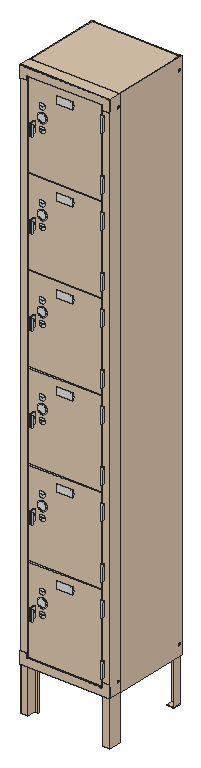
Revit family "Metal_Vented_Lockers-Salsbury_Industries-75000_76000_Series-1_Wide_Units", category Specialty Equipment, Revit 2024 (continued)
Definition of nested family "Metal Locker Zee Base-Right Side"
  Types (4): name | Visible | Depth | Type Comments | Model | Description
    77575 Right - 15" D | yes | 13.362" | "Zee Base Kit for Standard Metal Lockers - No Legs" | "77575" | "4\" H x 6' L - for 12\" Deep Lockers (Includes 6 Foot Front Base, 2 End Bases, Corner Splicer and 4 Rear Legs)"
    77578 Right - 18" D | yes | 16.362" | "Zee Base Kit for Standard Metal Lockers - No Legs" | "77578" | "4\" H x 6' L - for 12\" Deep Lockers (Includes 6 Foot Front Base, 2 End Bases, Corner Splicer and 4 Rear Legs)"
    None | no | 10.362" | "End Base for Standard Metal Lockers" | "" | ""
  Reference planes (in)
    plane 1 "Center (Front/Back)": y = 0
    plane 2: z = 0
    plane 3 "Center (Left/Right)": x = 3.99
    plane 4 "Floor": z = 0
    plane 5 "Top of Enclosure": z = 4
    plane 6 "Left Edge of Insert": x = 4.77
    plane 7 "Right Side of Unit": x = 5.99
    plane 8 "Left Edge of Enclosure": y = -8.181
    plane 9 "Right Edge of Enclosure": y = 8.181
    plane 10 "Bottom Edge of Enclosure": z = 0.06
    plane 11 "Left Edge of Base": x = 1.99
  Forms (in)
    Extrusion 1, solid, material <- "Primary Structure Material", visible <- "Visible"
      sketch origin (5.99, 0, 0) x (0, 0, -1) y (0, -1, 0)
        loop
          line (-4, 6.93967) -> (-4, -6.931) -> (-3.94, -6.931) -> (-3.94, 6.93967) -> (-4, 6.93967)
      from 0.06 to 1.22
    Extrusion 2, solid, material <- "Primary Structure Material", visible <- "Visible"
      sketch origin (0, 0, 0) x (0, -1, 0) y (1, 0, 0)
        loop
          line (-8.181, 1.99) -> (-8.121, 1.99) -> (-8.121, 5.93) -> (8.121, 5.93) -> (8.121, 1.99) -> (8.181, 1.99) -> (8.181, 5.99) -> (-8.181, 5.99) -> (-8.181, 1.99)
      from 0.06 to 4
  Dimensions and locks (in)
    "Height": plane 5 "Top of Enclosure" to plane 4 "Floor"
    equal spacing: plane 8 "Left Edge of Enclosure", plane 1 "Center (Front/Back)", plane 9 "Right Edge of Enclosure"
    "Depth": plane 8 "Left Edge of Enclosure" to plane 9 "Right Edge of Enclosure"
    "Width": plane 11 "Left Edge of Base" to plane 7 "Right Side of Unit"
    equal spacing: plane 11 "Left Edge of Base", plane 3 "Center (Left/Right)", plane 7 "Right Side of Unit"
    locked: plane 4 "Floor" to plane 10 "Bottom Edge of Enclosure" at 0.06
    aligned and locked: level to plane 2
    aligned and locked: plane 6 "Left Edge of Insert" to Extrusion 1
    aligned and locked: Extrusion 2 to plane 9 "Right Edge of Enclosure"
    aligned and locked: Extrusion 2 to plane 10 "Bottom Edge of Enclosure"
    aligned and locked: plane 11 "Left Edge of Base" to Extrusion 2
  Automatic sketch dimensions
    plane 5 "Top of Enclosure" to Extrusion 1 sketch curve = 0.000"
    Extrusion 1 sketch curve to Extrusion 1 sketch curve = 0.060"
    plane 9 "Right Edge of Enclosure" to Extrusion 1 sketch curve = 1.250"
    Extrusion 1 sketch curve to plane 8 "Left Edge of Enclosure" = 1.24133"
    Extrusion 2 sketch curve to plane 7 "Right Side of Unit" = 0.000"
    plane 9 "Right Edge of Enclosure" to Extrusion 2 sketch curve = 0.000"
    plane 6 "Left Edge of Insert" to Extrusion 2 sketch curve = 2.780"  (x2)
    Extrusion 2 sketch curve to Extrusion 2 sketch curve = 0.060"
    plane 7 "Right Side of Unit" to Extrusion 2 sketch curve = 0.060"
    Extrusion 2 sketch curve to plane 8 "Left Edge of Enclosure" = 0.060"
    Extrusion 2 sketch curve to plane 8 "Left Edge of Enclosure" = 0.000"
Definition of nested family "Metal Locker Zee Base-Left Side"
  Parameters (values of type "77572 Left - 12" D")
    Width including Rivet [instance] = 1.290"
    Visible = yes
    Primary Structure Material = none
    Depth = 10.362"
    Version = "1.0 (11/30/15)"
    Type Comments = "Zee Base Kit for Standard Metal Lockers - No Legs"
    Model = "77572"
    MasterFormat Title = ""
    MasterFormat Number = ""
    Manufacturer = "Salsbury Industries"
    Description = "4\" H x 6' L - for 12\" Deep Lockers (Includes 6 Foot Front Base, 2 End Bases, Corner Splicer and 4 Rear Legs)"
    Width = 4.000"
    Height = 4.000"
    Default Elevation = 0.000"
    Assembly Code = ""
  Types (4): name | Visible | Depth | Type Comments | Model | Description
    77572 Left - 12" D | yes | 10.362" | "Zee Base Kit for Standard Metal Lockers - No Legs" | "77572" | "4\" H x 6' L - for 12\" Deep Lockers (Includes 6 Foot Front Base, 2 End Bases, Corner Splicer and 4 Rear Legs)"
    77575 Left - 15" D | yes | 13.362" | "Zee Base Kit for Standard Metal Lockers - No Legs" | "77575" | "4\" H x 6' L - for 12\" Deep Lockers (Includes 6 Foot Front Base, 2 End Bases, Corner Splicer and 4 Rear Legs)"
    77578 Left- 18" D | yes | 16.362" | "Zee Base Kit for Standard Metal Lockers - No Legs" | "77578" | "4\" H x 6' L - for 12\" Deep Lockers (Includes 6 Foot Front Base, 2 End Bases, Corner Splicer and 4 Rear Legs)"
    None | no | 10.362" | "End Base for Standard Metal Lockers" | "" | ""
  Reference planes (in)
    plane 1 "Center (Front/Back)": y = 0
    plane 2: z = 0
    plane 3 "Center (Left/Right)": x = 3.99
    plane 4 "Floor": z = 0
    plane 5 "Top of Enclosure": z = 4
    plane 6 "Right Side of Unit": x = 5.99
    plane 7 "Left Edge of Enclosure": y = -5.181
    plane 8 "Right Edge of Enclosure": y = 5.181
    plane 9 "Bottom Edge of Enclosure": z = 0.06
    plane 10 "Left Edge of Base": x = 1.99
    plane 11 "Right Edge of Inser": x = 3.21
  Forms (in)
    Extrusion 1, solid, material <- "Primary Structure Material", visible <- "Visible"
      sketch origin (7.98, 0, 0) x (0, -1, 0) y (1, 0, 0)
        loop
          line (-5.181, -1.99) -> (-5.181, -5.99) -> (5.181, -5.99) -> (5.181, -1.99) -> (5.121, -1.99) -> (5.121, -5.93) -> (-5.121, -5.93) -> (-5.121, -1.99) -> (-5.181, -1.99)
      from 0.06 to 4
    Extrusion 2, solid, material <- "Primary Structure Material", visible <- "Visible"
      sketch origin (1.99, 0, 0) x (0, 0, -1) y (0, 1, 0)
        loop
          line (-4, -3.93967) -> (-3.94, -3.93967) -> (-3.94, 3.931) -> (-4, 3.931) -> (-4, -3.93967)
      from 0.06 to 1.22
  Dimensions and locks (in)
    "Height": plane 5 "Top of Enclosure" to plane 4 "Floor"
    equal spacing: plane 7 "Left Edge of Enclosure", plane 1 "Center (Front/Back)", plane 8 "Right Edge of Enclosure"
    "Depth": plane 7 "Left Edge of Enclosure" to plane 8 "Right Edge of Enclosure"
    "Width": plane 10 "Left Edge of Base" to plane 6 "Right Side of Unit"
    equal spacing: plane 10 "Left Edge of Base", plane 3 "Center (Left/Right)", plane 6 "Right Side of Unit"
    locked: plane 4 "Floor" to plane 9 "Bottom Edge of Enclosure" at 0.06
    aligned and locked: level to plane 2
    aligned and locked: plane 10 "Left Edge of Base" to Extrusion 1
  Automatic sketch dimensions
    plane 8 "Right Edge of Enclosure" to Extrusion 1 sketch curve = 0.000"
    Extrusion 1 sketch curve to plane 6 "Right Side of Unit" = 0.000"  (x2)
    plane 7 "Left Edge of Enclosure" to Extrusion 1 sketch curve = 0.000"
    Extrusion 1 sketch curve to plane 10 "Left Edge of Base" = 0.000"
    Extrusion 1 sketch curve to Extrusion 1 sketch curve = 0.060"
    plane 7 "Left Edge of Enclosure" to Extrusion 1 sketch curve = 0.060"
    plane 10 "Left Edge of Base" to Extrusion 1 sketch curve = 0.060"
    plane 5 "Top of Enclosure" to Extrusion 2 sketch curve = 0.000"
    Extrusion 2 sketch curve to Extrusion 2 sketch curve = 0.060"
    Extrusion 2 sketch curve to plane 7 "Left Edge of Enclosure" = 1.24133"
    plane 8 "Right Edge of Enclosure" to Extrusion 2 sketch curve = 1.250"
Definition of nested family "Metal Locker Zee Base Corner"
  Parameters (values of type "77572, 77575, 77578")
    Width = 2.000"
    Visible = yes
    Version = "1.0 (11/30/15)"
    Type Comments = "Zee Base Kit for Standard Metal Lockers - No Legs"
    Primary Structure Material = none
    Model = "n/a"
    Manufacturer = "Salsbury Industries"
    Height = 3.940"
    Description = "4\" H x 6' L - for 12\" Deep Lockers (Includes 6 Foot Front Base, 2 End Bases, Corner Splicer and 4 Rear Legs)"
    Depth = 2.000"
    Default Elevation = 0.000"
  Types (2): name | Visible
    77572, 77575, 77578 | yes
    None | no
  Reference planes (in)
    plane 1 "Center (Front/Back)": y = 0
    plane 2 "Bottom of Component": z = 0
    plane 3 "Center (Left/Right)": x = 0
    plane 4: z = 3.94
    plane 5: x = -1
    plane 6: x = 1
    plane 7 "Front": y = -1
    plane 8 "Back": y = 1
  Forms (in)
    Extrusion 1, solid, material <- "Primary Structure Material", visible <- "Visible"
      sketch origin (0, 0, 0) x (1, 0, 0) y (0, 1, 0)
        loop
          line (-1, 1) -> (-1, 0.94) -> (0.94, 0.94) -> (0.94, -1) -> (1, -1) -> (1, 1) -> (-1, 1)
      from 0 to 3.94
  Dimensions and locks (in)
    "Height": plane 4 to plane 2 "Bottom of Component"
    equal spacing: plane 5, plane 3 "Center (Left/Right)", plane 6
    "Width": plane 5 to plane 6
    equal spacing: plane 7 "Front", plane 1 "Center (Front/Back)", plane 8 "Back"
    "Depth": plane 7 "Front" to plane 8 "Back"
    aligned and locked: plane 2 "Bottom of Component" to level
  Automatic sketch dimensions
    Extrusion 1 sketch curve to plane 5 = 0.000"
    plane 7 "Front" to Extrusion 1 sketch curve = 0.000"
    Extrusion 1 sketch curve to plane 6 = 0.000"
    plane 8 "Back" to Extrusion 1 sketch curve = 0.000"
    plane 6 to Extrusion 1 sketch curve = 0.060"
    Extrusion 1 sketch curve to Extrusion 1 sketch curve = 0.060"
Definition of nested family "Metal Locker End Panel"
  Parameters (values of type "77362 - for 6' H x 12" D Lockers")
    Width = 0.925"
    Visible = yes
    Version = "1.0 (11/30/15)"
    Type Comments = "Finished End Panel for Standard Metal Lockers"
    Primary Structure Material = none
    Model = "77362"
    MasterFormat Title = ""
    MasterFormat Number = ""
    Manufacturer = "Salsbury Industries"
    Height = 72.000"
    Description = "End Panel for 6' H x 12\" Deep Lockers"
    Depth = 12.010"
    Default Elevation = 0.000"
    Assembly Code = ""
  Types (7): name | Visible | Model | Height | Description | Depth
    77362 - for 6' H x 12" D Lockers | yes | "77362" | 72.000" | "End Panel for 6' H x 12\" Deep Lockers" | 12.010"
    77365 - for 6' H x 15" D Lockers | yes | "77365" | 72.000" | "End Panel for 6' H x 15\" Deep Lockers" | 15.010"
    77368 - for 6' H X 18" D Lockers | yes | "77368" | 72.000" | "End Panel for 6' H x 18\" Deep Lockers" | 18.010"
    77352 - for 5' H x 12" D Lockers | yes | "77352" | 60.000" | "End Panel for 5' H x 12\" Deep Lockers" | 12.010"
    77355 - for 5' H x 15" D Lockers | yes | "77355" | 60.000" | "End Panel for 5' H x 15\" Deep Lockers" | 15.010"
    77358 - for 5' H x 18" D Lockers | yes | "77358" | 60.000" | "End Panel for 5' H x 18\" Deep Lockers" | 18.010"
    None | no | "n/a" | 72.000" | "" | 12.010"
  Reference planes (in)
    plane 1 "Center (Front/Back)": y = -2.167
    plane 2: z = 0
    plane 3 "Center (Left/Right)": x = -4.595
    plane 4 "Bottom of Panel": z = 0
    plane 5 "Top of Panel": z = 72
    plane 6 "Front of Panel": y = -8.172
    plane 7 "Right Side of Enclosure": x = -4.1325
    plane 8 "Left Side of Enclosure": x = -5.0575
    plane 9 "Back of Panel": y = 3.838
    plane 10: z = 36
    plane 11: z = 70.283
    plane 12: z = 1.717
    plane 13 "Outside Edge of Front Flap": y = -8.23214
    plane 14 "Outside Edge of Back Flap": y = 3.898
  Forms (in)
    Extrusion 1, solid, material <- "Primary Structure Material", visible <- "Visible"
      sketch origin (-4.1325, 0.48244, 0) x (0, 0, -1) y (0, -1, 0)
        loop
          line (-72, 8.71458) -> (-72, -3.41556) -> (0, -3.41556) -> (0, 8.71458) -> (-72, 8.71458)
      from 0 to -0.06
    Extrusion 2, solid, material <- "Primary Structure Material", visible <- "Visible"
      sketch origin (0, 3.838, 0) x (0, 0, -1) y (1, 0, 0)
        loop
          line (-72, -5.0575) -> (0, -5.0575) -> (0, -4.1325) -> (-72, -4.1325) -> (-72, -5.0575)
      from 0 to -0.06
    Extrusion 3, solid, material <- "Primary Structure Material", visible <- "Visible"
      sketch origin (0, -8.172, 0) x (1, 0, 0) y (0, 0, 1)
        loop
          line (-5.0575, 70.283) -> (-5.0575, 1.717) -> (-4.1325, 1.717) -> (-4.1325, 70.283) -> (-5.0575, 70.283)
      from 0.06014 to 0
  Dimensions and locks (in)
    equal spacing: plane 6 "Front of Panel", plane 1 "Center (Front/Back)", plane 9 "Back of Panel"
    "Depth": plane 6 "Front of Panel" to plane 9 "Back of Panel"
    equal spacing: plane 8 "Left Side of Enclosure", plane 3 "Center (Left/Right)", plane 7 "Right Side of Enclosure"
    "Width": plane 8 "Left Side of Enclosure" to plane 7 "Right Side of Enclosure"
    equal spacing: plane 5 "Top of Panel", plane 10, plane 2
    "Height": plane 5 "Top of Panel" to plane 2
    locked: plane 5 "Top of Panel" to plane 11 at 1.717
    locked: plane 13 "Outside Edge of Front Flap" to plane 6 "Front of Panel" at 0.06014
    locked: plane 9 "Back of Panel" to plane 14 "Outside Edge of Back Flap" at 0.06
    aligned and locked: level to plane 2
    aligned and locked: plane 5 "Top of Panel" to Extrusion 1 sketch curve
    aligned and locked: plane 5 "Top of Panel" to Extrusion 2 sketch curve
    aligned and locked: Extrusion 2 to plane 9 "Back of Panel"
    aligned and locked: plane 11 to Extrusion 3 sketch curve
    aligned and locked: plane 6 "Front of Panel" to Extrusion 3
    aligned and locked: plane 14 "Outside Edge of Back Flap" to Extrusion 2
    aligned and locked: Extrusion 1 to plane 14 "Outside Edge of Back Flap"
    aligned and locked: plane 13 "Outside Edge of Front Flap" to Extrusion 3
    aligned and locked: Extrusion 2 to plane 7 "Right Side of Enclosure"
    aligned and locked: Extrusion 3 to plane 7 "Right Side of Enclosure"
  Automatic sketch dimensions
    Extrusion 1 sketch curve to level = 0.000"
    Extrusion 2 sketch curve to level = 0.000"
    plane 8 "Left Side of Enclosure" to Extrusion 2 sketch curve = 0.000"
    plane 7 "Right Side of Enclosure" to Extrusion 2 sketch curve = 0.000"
    plane 8 "Left Side of Enclosure" to Extrusion 3 sketch curve = 0.000"
    Extrusion 3 sketch curve to plane 12 = 0.000"
    plane 7 "Right Side of Enclosure" to Extrusion 3 sketch curve = 0.000"
    Extrusion 1 sketch curve to plane 14 "Outside Edge of Back Flap" = 0.000"
    plane 6 "Front of Panel" to Extrusion 1 sketch curve = 0.06014"
Definition of nested family "Metal Locker Front Filler"
  Parameters (values of type "77869 - for 6' H Lockers (Zee Base or No Legs)")
    Width = 9.000"
    Visible = yes
    Version = "1.0 (11/30/15)"
    Type Comments = "Vertical Front Filler for Standard Metal Lockers"
    Primary Structure Material = none
    Model = "77865"
    MasterFormat Title = ""
    MasterFormat Number = ""
    Manufacturer = "Salsbury Industries"
    Height = 72.000"
    Description = "9\" W Vertical Front Filler for 6' H Lockers"
    Depth = 1.500"
    Default Elevation = 0.000"
    Assembly Code = ""
  Types (9): name | Width | Visible | Model | Height | Description | Depth
    77865 - for 6' H Lockers with Legs | 15.000" | yes | "77865" | 78.000" | "15\" W Vertical Front Filler for 6' H Lockers" | 1.000"
    77869 - for 6' H Lockers with Legs | 9.000" | yes | "77865" | 78.000" | "9\" W Vertical Front Filler for 6' H Lockers" | 1.000"
    77855 - for 5' H Lockers with Legs | 15.000" | yes | "77855" | 66.000" | "15\" W Vertical Front Filler for 5' H Lockers" | 1.000"
    77859 - for 5' H Lockers with Legs | 9.000" | yes | "77859" | 66.000" | "9\" W Vertical Front Filler for 5' H Lockers" | 1.000"
    None | 15.000" | no | "n/a" | 78.000" | "" | 1.500"
    77865 - for 6' H Lockers (Zee Base or No Legs) | 15.000" | yes | "77865" | 72.000" | "15\" W Vertical Front Filler for 6' H Lockers" | 1.000"
    77869 - for 6' H Lockers (Zee Base or No Legs) | 9.000" | yes | "77865" | 72.000" | "9\" W Vertical Front Filler for 6' H Lockers" | 1.500"
    77859 - for 5' H Lockers (Zee Base or No Legs) | 9.000" | yes | "77859" | 60.000" | "9\" W Vertical Front Filler for 5' H Lockers" | 1.000"
    77855 - for 5' H Lockers (Zee Base or No Legs) | 15.000" | yes | "77855" | 60.000" | "15\" W Vertical Front Filler for 5' H Lockers" | 1.000"
  Reference planes (in)
    plane 1 "Center (Front/Back)": y = -2.167
    plane 2: z = 0
    plane 3 "Center (Left/Right)": x = -4.595
    plane 4 "Bottom of Filler": z = 0
    plane 5 "Top of Panel": z = 72
    plane 6 "Front of Filler": y = -2.917
    plane 7 "Right Side of Filler": x = -0.095
    plane 8 "Left Side of Filler": x = -9.095
    plane 9 "Back of Filler": y = -1.417
    plane 10: z = 36
  Forms (in)
    Extrusion 1, solid, material <- "Primary Structure Material", visible <- "Visible"
      sketch origin (0, 0, 0) x (0, -1, 0) y (1, 0, 0)
        loop
          line (1.417, -9.095) -> (2.917, -9.095) -> (2.917, -1.095) -> (2.869, -1.095) -> (2.869, -9.047) -> (1.417, -9.047) -> (1.417, -9.095)
      from 0 to 72
    Extrusion 2, solid, material <- "Primary Structure Material", visible <- "Visible"
      sketch origin (0, -0.20425, 0) x (0, -1, 0) y (1, 0, 0)
        loop
          line (1.30875, -0.095) -> (1.30875, -0.143) -> (2.76075, -0.143) -> (2.76075, -1.595) -> (2.80875, -1.595) -> (2.80875, -0.095) -> (1.30875, -0.095)
      from 0 to 72
    Extrusion 3, solid, material <- "Primary Structure Material", visible <- "Visible"
      sketch origin (0, 0.10825, 0) x (0, -1, 0) y (1, 0, 0)
        loop
          line (3.07325, -1.595) -> (3.07325, -0.82524) -> (3.02525, -0.82524) -> (3.02525, -1.376) -> (3.02525, -1.449) -> (3.02525, -1.522) -> (3.02525, -1.595) -> (3.07325, -1.595)
      from 0 to 72
    Extrusion 4, solid, material <- "Primary Structure Material", visible <- "Visible"
      sketch origin (0, 0, 0) x (0, -1, 0) y (1, 0, 0)
        loop
          line (2.917, -0.82524) -> (2.821, -0.82524) -> (2.821, -1.80024) -> (2.869, -1.80024) -> (2.869, -0.87324) -> (2.917, -0.87324) -> (2.917, -0.82524)
      from 0 to 72
  Dimensions and locks (in)
    equal spacing: plane 6 "Front of Filler", plane 1 "Center (Front/Back)", plane 9 "Back of Filler"
    "Depth": plane 6 "Front of Filler" to plane 9 "Back of Filler"
    equal spacing: plane 8 "Left Side of Filler", plane 3 "Center (Left/Right)", plane 7 "Right Side of Filler"
    "Width": plane 8 "Left Side of Filler" to plane 7 "Right Side of Filler"
    equal spacing: plane 5 "Top of Panel", plane 10, plane 2
    "Height": plane 5 "Top of Panel" to plane 2
    aligned and locked: level to plane 2
    aligned and locked: Extrusion 1 to plane 5 "Top of Panel"
    aligned and locked: Extrusion 2 to plane 5 "Top of Panel"
    aligned and locked: Extrusion 3 to plane 5 "Top of Panel"
    aligned and locked: Extrusion 4 to plane 5 "Top of Panel"
  Automatic sketch dimensions
    plane 9 "Back of Filler" to Extrusion 1 sketch curve = 0.000"
    plane 6 "Front of Filler" to Extrusion 1 sketch curve = 0.000"
    Extrusion 1 sketch curve to plane 8 "Left Side of Filler" = 0.000"
    Extrusion 1 sketch curve to plane 6 "Front of Filler" = 0.048"
    Extrusion 1 sketch curve to Extrusion 1 sketch curve = 0.048"
    plane 7 "Right Side of Filler" to Extrusion 1 sketch curve = 1.000"
    Extrusion 2 sketch curve to plane 7 "Right Side of Filler" = 0.000"
    plane 7 "Right Side of Filler" to Extrusion 2 sketch curve = 0.048"
    plane 9 "Back of Filler" to Extrusion 2 sketch curve = 0.096"
    plane 6 "Front of Filler" to Extrusion 2 sketch curve = 0.048"
    Extrusion 2 sketch curve to Extrusion 2 sketch curve = 0.048"
    Extrusion 2 sketch curve to Extrusion 2 sketch curve = 1.452"
    plane 6 "Front of Filler" to Extrusion 3 sketch curve = 0.000"
    plane 7 "Right Side of Filler" to Extrusion 3 sketch curve = 1.500"
    Extrusion 3 sketch curve to Extrusion 3 sketch curve = 0.073"  (x3)
    Extrusion 3 sketch curve to Extrusion 3 sketch curve = 0.55076"
    Extrusion 3 sketch curve to Extrusion 3 sketch curve = 0.048"
    plane 6 "Front of Filler" to Extrusion 4 sketch curve = 0.000"
    Extrusion 4 sketch curve to plane 6 "Front of Filler" = 0.048"
    Extrusion 4 sketch curve to Extrusion 4 sketch curve = 0.048"  (x2)
    plane 7 "Right Side of Filler" to Extrusion 4 sketch curve = 1.70524"
    plane 7 "Right Side of Filler" to Extrusion 4 sketch curve = 0.77824"
Definition of nested family "Metal Locker Flat Top Filler"
  Parameters (values of type "77842 - for 12" Deep Lockers (15" W)")
    Width = 16.250"
    Visible = yes
    Version = "1.0 (11/30/15)"
    Type Comments = "Flat Top Filler for Standard Metal Lockers"
    Primary Structure Material = none
    Model = "77842"
    MasterFormat Title = ""
    MasterFormat Number = ""
    Manufacturer = "Salsbury Industries"
    Height = 1.003"
    Description = "15\"W Flat Top In-Line Filler"
    Depth = 12.118"
    Default Elevation = 0.000"
    Assembly Code = ""
  Types (7): name | Width | Visible | Model | Depth
    77842 - for 12" Deep Lockers (15" W) | 16.250" | yes | "77842" | 12.118"
    77842 - for 12" Deep Lockers (9" W) | 10.250" | yes | "77842" | 12.118"
    77845 - for 15" Deep Lockers (15" W) | 16.250" | yes | "77845" | 15.118"
    77845 - for 15" Deep Lockers (9" W) | 10.250" | yes | "77845" | 15.118"
    77848 - for 18" Deep Lockers (15" W) | 16.250" | yes | "77848" | 18.118"
    77848 - for 18" Deep Lockers (9" W) | 10.250" | yes | "77848" | 18.118"
    None | 16.250" | no | "" | 12.118"
  Reference planes (in)
    plane 1 "Center (Front/Back)": y = -2.167
    plane 2: z = 0
    plane 3 "Center (Left/Right)": x = -4.595
    plane 4 "Bottom of Panel": z = 0
    plane 5 "Top of Panel": z = 1.003
    plane 6 "Front of Panel": y = -8.226
    plane 7 "Right Side of Enclosure": x = 3.53
    plane 8 "Left Side of Enclosure": x = -12.72
    plane 9 "Back of Panel": y = 3.892
    plane 10: z = 0.5015
  Forms (in)
    Extrusion 1, solid, material <- "Primary Structure Material", visible <- "Visible"
      sketch origin (-4.595, 0, 0) x (0, 1, 0) y (0, 0, 1)
        loop
          line (-8.226, 0) -> (-8.178, 0) -> (-8.178, 0.955) -> (3.892, 0.955) -> (3.892, 1.003) -> (-8.226, 1.003) -> (-8.226, 0)
      from -8.125 to 8.125
  Dimensions and locks (in)
    equal spacing: plane 6 "Front of Panel", plane 1 "Center (Front/Back)", plane 9 "Back of Panel"
    "Depth": plane 6 "Front of Panel" to plane 9 "Back of Panel"
    equal spacing: plane 8 "Left Side of Enclosure", plane 3 "Center (Left/Right)", plane 7 "Right Side of Enclosure"
    "Width": plane 8 "Left Side of Enclosure" to plane 7 "Right Side of Enclosure"
    equal spacing: plane 5 "Top of Panel", plane 10, plane 2
    "Height": plane 5 "Top of Panel" to plane 2
    aligned and locked: level to plane 2
    aligned and locked: Extrusion 1 to plane 7 "Right Side of Enclosure"
    aligned and locked: plane 8 "Left Side of Enclosure" to Extrusion 1
    aligned and locked: plane 6 "Front of Panel" to Extrusion 1
    aligned and locked: Extrusion 1 to plane 9 "Back of Panel"
  Automatic sketch dimensions
    plane 5 "Top of Panel" to Extrusion 1 sketch curve = 0.000"
    Extrusion 1 sketch curve to plane 6 "Front of Panel" = 0.000"
    Extrusion 1 sketch curve to level = 0.000"
    Extrusion 1 sketch curve to plane 9 "Back of Panel" = 0.000"
    Extrusion 1 sketch curve to plane 6 "Front of Panel" = 0.048"
    plane 5 "Top of Panel" to Extrusion 1 sketch curve = 0.048"
Definition of nested family "Metal Locker Flat Corner Filler"
  Parameters (values of type "77832 - for 12" Deep Lockers")
    Width = 12.625"
    Visible = yes
    Version = "1.0 (11/30/15)"
    Type Comments = "Flat Top Corner Filler for Standard Metal Lockers"
    Primary Structure Material = none
    Model = "77832"
    MasterFormat Title = ""
    MasterFormat Number = ""
    Manufacturer = "Salsbury Industries"
    Height = 0.048"
    Description = "12\"W Flat Top Corner Filler"
    Depth = 12.625"
    Default Elevation = 0.000"
    Assembly Code = ""
  Types (4): name | Width | Visible | Model | Description | Depth
    77832 - for 12" Deep Lockers | 12.625" | yes | "77832" | "12\"W Flat Top Corner Filler" | 12.625"
    77835 - for 15" Deep Lockers | 15.625" | yes | "77835" | "15\"W Flat Top Corner Filler" | 15.625"
    77838 - for 18" Deep Lockers | 18.625" | yes | "77838" | "18\"W Flat Top Corner Filler" | 18.625"
    None | 12.625" | no | "" | "" | 12.625"
  Reference planes (in)
    plane 1 "Center (Front/Back)": y = -2.167
    plane 2: z = 0
    plane 3 "Center (Left/Right)": x = -4.595
    plane 4 "Bottom of Panel": z = 0
    plane 5 "Top of Panel": z = 0.048
    plane 6 "Front of Panel": y = -8.4795
    plane 7 "Right Side of Enclosure": x = 1.7175
    plane 8 "Left Side of Enclosure": x = -10.9075
    plane 9 "Back of Panel": y = 4.1455
    plane 10: z = 0.024
  Forms (in)
    Extrusion 1, solid, material <- "Primary Structure Material", visible <- "Visible"
      sketch origin (0, 0, 0) x (0, -1, 0) y (1, 0, 0)
        loop
          line (7.8545, -10.9075) -> (7.8545, -10.2825) -> (8.4795, -10.2825) -> (8.4795, 1.7175) -> (-4.1455, 1.7175) -> (-4.1455, -10.9075) -> (7.8545, -10.9075)
      from 0 to 0.048
  Dimensions and locks (in)
    equal spacing: plane 6 "Front of Panel", plane 1 "Center (Front/Back)", plane 9 "Back of Panel"
    "Depth": plane 6 "Front of Panel" to plane 9 "Back of Panel"
    equal spacing: plane 8 "Left Side of Enclosure", plane 3 "Center (Left/Right)", plane 7 "Right Side of Enclosure"
    "Width": plane 8 "Left Side of Enclosure" to plane 7 "Right Side of Enclosure"
    equal spacing: plane 5 "Top of Panel", plane 10, plane 2
    "Height": plane 5 "Top of Panel" to plane 2
    aligned and locked: level to plane 2
    aligned and locked: Extrusion 1 to plane 9 "Back of Panel"
    aligned and locked: plane 6 "Front of Panel" to Extrusion 1
    aligned and locked: Extrusion 1 to plane 7 "Right Side of Enclosure"
    aligned and locked: plane 8 "Left Side of Enclosure" to Extrusion 1
  Automatic sketch dimensions
    Extrusion 1 sketch curve to plane 8 "Left Side of Enclosure" = 0.000"
    plane 9 "Back of Panel" to Extrusion 1 sketch curve = 0.000"
    plane 6 "Front of Panel" to Extrusion 1 sketch curve = 0.000"
    Extrusion 1 sketch curve to plane 7 "Right Side of Enclosure" = 0.000"
    Extrusion 1 sketch curve to plane 8 "Left Side of Enclosure" = 0.625"
    Extrusion 1 sketch curve to plane 6 "Front of Panel" = 0.625"
Definition of nested family "Metal Locker Sloping Hood"
  Parameters (values of type "77752 - for 12" Deep Lockers (1 Wide)")
    Width = 12.040"
    Visible = yes
    Version = "1.0 (11/30/15)"
    Type Comments = "Sloping Hood for Standard Metal Lockers"
    Slope Angle = 28.761°
    Primary Structure Material = none
    Model = "77752"
    MasterFormat Title = ""
    MasterFormat Number = ""
    Manufacturer = "Salsbury Industries"
    Height = 6.625"
    Dividing Lines = no
    Description = "12\" Deep for up to (3) 12\" Wide Lockers"
    Depth = 12.070"
    Default Elevation = 0.000"
    Assembly Code = ""
  Types (12): name | Width | Visible | Slope Angle | Model | Height | Dividing Lines | Description | Depth
    77752 - for 12" Deep Lockers (1 Wide) | 12.040" | yes | 28.761° | "77752" | 6.625" | no | "12\" Deep for up to (3) 12\" Wide Lockers" | 12.070"
    77752 - for 12" Deep Lockers (3 Wide) | 36.040" | yes | 28.761° | "77752" | 6.625" | yes | "12\" Deep for up to (3) 12\" Wide Lockers" | 12.070"
    77755 - for 15" Deep Lockers (1 Wide) | 12.040" | yes | 29.946° | "77755" | 8.682" | no | "15\" Deep for up to (3) 12\" Wide Lockers" | 15.070"
    77755 - for 15" Deep Lockers (3 Wide) | 36.040" | yes | 29.946° | "77755" | 8.628" | yes | "15\" Deep for up to (3) 12\" Wide Lockers" | 15.070"
    77758 - for 18" Deep Lockers (1 Wide) | 12.040" | yes | 30.723° | "77758" | 10.739" | no | "18\" Deep for up to (3) 12\" Wide Lockers" | 18.070"
    77758 - for 18" Deep Lockers (3 Wide) | 36.040" | yes | 30.723° | "77758" | 10.739" | yes | "18\" Deep for up to (3) 12\" Wide Lockers" | 18.070"
    None | 12.000" | no | 28.761° | "" | 6.625" | no | "" | 12.070"
    77765 - for 15" Deep Lockers (1 Wide) | 15.040" | yes | 29.946° | "77752" | 6.625" | no | "12\" Deep for up to (3) 12\" Wide Lockers" | 15.070"
    77768 - for 18" Deep Lockers (1 Wide) | 15.040" | yes | 30.723° | "77752" | 6.625" | no | "12\" Deep for up to (3) 12\" Wide Lockers" | 18.070"
    77765 - for 15" Deep Lockers (3 Wide) | 45.040" | yes | 29.946° | "77752" | 6.625" | yes | "12\" Deep for up to (3) 12\" Wide Lockers" | 15.070"
    77768 - for 18" Deep Lockers (3 Wide) | 45.040" | yes | 30.723° | "77752" | 6.625" | yes | "12\" Deep for up to (3) 12\" Wide Lockers" | 18.070"
    77759 - for 18" Deep Bridge Lockers | 72.040" | yes | 30.723° | "77752" | 6.625" | no | "12\" Deep for up to (3) 12\" Wide Lockers" | 18.070"
  Reference planes (in)
    plane 1 "Center (Front/Back)": y = -2.167
    plane 2: z = 0
    plane 3 "Center (Left/Right)": x = -4.595
    plane 4 "Bottom of Panel": z = 0
    plane 5 "Top of Panel": z = 6.625
    plane 6 "Front of Panel": y = -8.202
    plane 7 "Right Side of Enclosure": x = 1.425
    plane 8 "Left Side of Enclosure": x = -10.615
    plane 9 "Back of Panel": y = 3.868
    plane 10: z = 3.3125
    plane 11: through (0, -7.81601, 0.21186) normal (0, -0.4812, 0.8766)
    plane 12: through (0, -7.94397, 0.10626) normal (0, -0.4812, 0.8766)
    plane 13: y = 3.837
    plane 14: y = 3.806
    plane 15: y = 3.775
    plane 16: y = 3.37433
    plane 17 "Divider 1": x = -6.60167
    plane 18 "Divider 2": x = -2.58833
  Forms (in)
    Extrusion 1, solid, material <- "Primary Structure Material", visible <- "Visible"
      sketch origin (1.425, 0, 0) x (0, 0, -1) y (0, -1, 0)
        loop
          line (-6.62484, -3.868) -> (0, -3.868) -> (0, 8.202) -> (-6.62484, -3.868)
      from 0 to 0.031
    Extrusion 2, solid, material <- "Primary Structure Material", visible <- "Visible"
      sketch origin (1.425, 0, 0) x (0, 0, -1) y (0, -1, 0)
        loop
          line (0, -3.868) -> (0, -3.837) -> (-6.60783, -3.837) -> (-6.62484, -3.868) -> (0, -3.868)
      from 0.03098 to 0.40598
    Extrusion 3, solid, material <- "Primary Structure Material", visible <- "Visible"
      sketch origin (1.425, 0, 0) x (0, 0, -1) y (0, -1, 0)
        loop
          line (0, -3.837) -> (0, 8.13757) -> (-0.031, 8.08109) -> (-0.031, -3.837) -> (0, -3.837)
      from 0.031 to 0.80198
    Extrusion 4, solid, material <- "Primary Structure Material", visible <- "Visible"
      sketch origin (-10.615, 0, 0) x (0, 0, -1) y (0, -1, 0)
        loop
          line (-6.62484, -3.868) -> (0, -3.868) -> (0, 8.202) -> (-6.62484, -3.868)
      from 0 to -0.031
    Extrusion 5, solid, material <- "Primary Structure Material", visible <- "Visible"
      sketch origin (-10.615, 0, 0) x (0, 0, -1) y (0, -1, 0)
        loop
          line (0, -3.868) -> (0, -3.837) -> (-6.60783, -3.837) -> (-6.62484, -3.868) -> (0, -3.868)
      from -0.031 to -0.406
    Extrusion 6, solid, material <- "Primary Structure Material", visible <- "Visible"
      sketch origin (-10.615, 0, 0) x (0, 0, -1) y (0, -1, 0)
        loop
          line (0, -3.837) -> (0, 8.13757) -> (-0.031, 8.08109) -> (-0.031, -3.837) -> (0, -3.837)
      from -0.031 to -0.802
    Extrusion 7, solid, material <- "Primary Structure Material", visible <- "Visible"
      sketch origin (-4.595, 0, 0) x (0, 1, 0) y (0, 0, 1)
        loop
          line (3.837, 6.60783) -> (-8.202, 0) -> (-7.84238, 0) -> (-7.84238, 0.031) -> (-8.08109, 0.031) -> (3.806, 6.55545) -> (3.806, 6.21809) -> (3.837, 6.21809) -> (3.837, 6.60783)
      from -5.989 to 5.989
    Extrusion 8, solid, material <- "Primary Structure Material", visible <- "Visible"
      sketch origin (-4.595, -0.031, 0) x (0, 1, 0) y (0, 0, 1)
        loop
          line (3.837, 0.031) -> (3.837, 6.55545) -> (3.806, 6.53844) -> (3.806, 0.031) -> (3.837, 0.031)
      from -5.989 to 5.989
    Extrusion 9, solid, material <- "Primary Structure Material", visible <- "Visible"
      sketch origin (0, -0.031, 0) x (0, -1, 0) y (1, 0, 0)
        loop
          line (-3.806, -9.75653) -> (-3.40533, -9.75653) -> (-3.40533, 0.56919) -> (-3.806, 0.56919) -> (-3.806, -9.75653)
      from 0.031 to 0.06464
  Lines and regions (in)
    model lines, visible <- "Dividing Lines"
      curve 1: line (-6.60167, -8.21456, -0.0069) -> (-6.60167, 3.868, 6.62484)
      curve 2: line (-2.58833, -8.21456, -0.0069) -> (-2.58833, 3.868, 6.62484)
  Dimensions and locks (in)
    equal spacing: plane 6 "Front of Panel", plane 1 "Center (Front/Back)", plane 9 "Back of Panel"
    "Depth": plane 6 "Front of Panel" to plane 9 "Back of Panel"
    equal spacing: plane 8 "Left Side of Enclosure", plane 17 "Divider 1", plane 18 "Divider 2", plane 7 "Right Side of Enclosure"
    "Width": plane 8 "Left Side of Enclosure" to plane 7 "Right Side of Enclosure"
    equal spacing: plane 5 "Top of Panel", plane 10, plane 2
    "Height": plane 5 "Top of Panel" to plane 2
    locked: plane 11 to plane 12 at 0.031
    plane 16 to plane 15 to plane 14 to plane 13 to plane 9 "Back of Panel" = 0.40067", 0.031", 0.031", 0.031"
    equal spacing: plane 8 "Left Side of Enclosure", plane 3 "Center (Left/Right)", plane 7 "Right Side of Enclosure"
    "Slope Angle": angle plane 4 "Bottom of Panel" to plane 11
    aligned and locked: level to plane 2
    aligned and locked: Extrusion 1 to plane 9 "Back of Panel"
    aligned and locked: plane 4 "Bottom of Panel" to Extrusion 1
    aligned and locked: Extrusion 7 to Extrusion 1
    aligned and locked: Extrusion 7 to Extrusion 4
    aligned and locked: Extrusion 7 to Extrusion 8  (x2)
    aligned and locked: plane 11 to Extrusion 7 sketch curve
    aligned and locked: plane 12 to Extrusion 7 sketch curve
    aligned and locked: plane 12 to Extrusion 8 sketch curve
    aligned and locked: Extrusion 4 sketch curve to plane 11
    aligned and locked: Extrusion 1 sketch curve to plane 11
    aligned and locked: Extrusion 3 sketch curve to plane 12
    aligned and locked: Extrusion 6 sketch curve to plane 12
    aligned and locked: plane 13 to Extrusion 7
    aligned and locked: plane 14 to Extrusion 8
    aligned and locked: plane 15 to Extrusion 8
    aligned and locked: plane 16 to Extrusion 9
    aligned and locked: plane 13 to Extrusion 7 sketch curve
    aligned and locked: Extrusion 7 sketch curve to plane 14
    aligned and locked: plane 13 to Extrusion 2 sketch curve
    aligned and locked: plane 11 to Extrusion 2 sketch curve
    aligned and locked: plane 13 to Extrusion 5 sketch curve
    aligned and locked: plane 11 to Extrusion 5 sketch curve
    aligned and locked: curve 2 to plane 18 "Divider 2"
    aligned and locked: curve 1 to plane 17 "Divider 1"
  Automatic sketch dimensions
    Extrusion 7 sketch curve to level = 0.000"
    level to Extrusion 7 sketch curve = 0.031"
    Extrusion 7 sketch curve to Extrusion 7 sketch curve = 0.23871"
    Extrusion 7 sketch curve to Extrusion 7 sketch curve = 0.33736"
    Extrusion 1 sketch curve to plane 9 "Back of Panel" = 0.000"
    Extrusion 1 sketch curve to level = 0.000"
    Extrusion 2 sketch curve to plane 9 "Back of Panel" = 0.000"
    Extrusion 2 sketch curve to level = 0.000"
    Extrusion 3 sketch curve to plane 13 = 0.000"
    Extrusion 3 sketch curve to level = 0.000"
    level to Extrusion 3 sketch curve = 0.031"
    Extrusion 4 sketch curve to plane 9 "Back of Panel" = 0.000"
    Extrusion 4 sketch curve to level = 0.000"
    Extrusion 5 sketch curve to plane 9 "Back of Panel" = 0.000"
    Extrusion 5 sketch curve to level = 0.000"
    Extrusion 6 sketch curve to plane 13 = 0.000"
    Extrusion 6 sketch curve to level = 0.000"
    Extrusion 6 sketch curve to Extrusion 6 sketch curve = 0.031"
    Extrusion 8 sketch curve to plane 15 = 0.000"
    Extrusion 8 sketch curve to plane 14 = 0.000"
    level to Extrusion 8 sketch curve = 0.031"
    plane 15 to Extrusion 9 sketch curve = 0.000"
    plane 16 to Extrusion 9 sketch curve = 0.000"
    Extrusion 9 sketch curve to plane 8 "Left Side of Enclosure" = 0.85847"
    plane 7 "Right Side of Enclosure" to Extrusion 9 sketch curve = 0.85581"
    curve 1 to plane 9 "Back of Panel" = 0.000"
    plane 11 to curve 1 = 0.000"
    curve 1 to plane 11 = 0.000"
    curve 1 to level = 0.0069"
    curve 2 to plane 9 "Back of Panel" = 0.000"
    plane 11 to curve 2 = 0.000"
    curve 2 to plane 11 = 0.000"
    curve 2 to level = 0.0069"
Definition of nested family "Metal Locker Sloping Top Filler"
  Parameters (values of type "77882 - for 12" Deep Lockers (15" W)")
    Width = 16.250"
    Visible = yes
    Version = "1.0 (11/30/15)"
    Type Comments = "Sloping Hood In-Line Filler for Standard Metal Lockers"
    Slope Angle = 28.761°
    Primary Structure Material = none
    Model = "77882"
    MasterFormat Title = ""
    MasterFormat Number = ""
    Manufacturer = "Salsbury Industries"
    Height = 1.003"
    Description = "15\"W Sloping Hood In-Line Filler"
    Depth = 12.118"
    Default Elevation = 0.000"
    Assembly Code = ""
  Types (7): name | Width | Visible | Type Comments | Slope Angle | Model | Description | Depth
    77882 - for 12" Deep Lockers (15" W) | 16.250" | yes | "Sloping Hood In-Line Filler for Standard Metal Lockers" | 28.761° | "77882" | "15\"W Sloping Hood In-Line Filler" | 12.118"
    77882 - for 12" Deep Lockers (9" W) | 10.250" | yes | "Sloping Hood In-Line Filler for Standard Metal Lockers" | 28.761° | "77882" | "15\"W Sloping Hood In-Line Filler" | 12.118"
    77885 - for 15" Deep Lockers (15" W) | 16.250" | yes | "Sloping Hood In-Line Filler for Standard Metal Lockers" | 29.946° | "77885" | "15\"W Sloping Hood In-Line Filler" | 15.118"
    77885 - for 15" Deep Lockers (9" W) | 10.250" | yes | "Sloping Hood In-Line Filler for Standard Metal Lockers" | 29.946° | "77885" | "15\"W Sloping Hood In-Line Filler" | 15.118"
    77888 - for 18" Deep Lockers (15" W) | 16.250" | yes | "Sloping Hood In-Line Filler for Standard Metal Lockers" | 30.723° | "77888" | "15\"W Sloping Hood In-Line Filler" | 18.118"
    77888 - for 18" Deep Lockers (9" W) | 10.250" | yes | "Sloping Hood In-Line Filler for Standard Metal Lockers" | 30.723° | "77888" | "15\"W Sloping Hood In-Line Filler" | 18.118"
    None | 16.250" | no | "Sloping Hood for Standard Metal Lockers" | 28.761° | "" | "" | 12.118"
  Reference planes (in)
    plane 1 "Center (Front/Back)": y = -2.167
    plane 2: z = 0
    plane 3 "Center (Left/Right)": x = -4.595
    plane 4 "Bottom of Panel": z = 0
    plane 5 "Top of Panel": z = 1.003
    plane 6 "Front of Panel": y = -8.226
    plane 7 "Right Side of Enclosure": x = 3.53
    plane 8 "Left Side of Enclosure": x = -12.72
    plane 9 "Back of Panel": y = 3.892
    plane 10: z = 0.5015
    plane 11: through (0, -7.6072, 0.33964) normal (0, -0.4812, 0.8766)
    plane 12: through (0, -7.72698, 0.21914) normal (0, -0.4812, 0.8766)
  Forms (in)
    Extrusion 1, solid, material <- "Primary Structure Material", visible <- "Visible"
      sketch origin (-4.595, 0, 0) x (0, 1, 0) y (0, 0, 1)
        loop
          line (3.892, 6.65119) -> (-8.226, 0) -> (-8.226, -1.028) -> (-8.178, -1.028) -> (-8.178, -0.02841) -> (3.892, 6.59643) -> (3.892, 6.65119)
      from -8.125 to 8.125
  Dimensions and locks (in)
    equal spacing: plane 6 "Front of Panel", plane 1 "Center (Front/Back)", plane 9 "Back of Panel"
    "Depth": plane 6 "Front of Panel" to plane 9 "Back of Panel"
    equal spacing: plane 8 "Left Side of Enclosure", plane 3 "Center (Left/Right)", plane 7 "Right Side of Enclosure"
    "Width": plane 8 "Left Side of Enclosure" to plane 7 "Right Side of Enclosure"
    equal spacing: plane 5 "Top of Panel", plane 10, plane 2
    "Height": plane 5 "Top of Panel" to plane 2
    locked: plane 11 to plane 12 at 0.048
    "Slope Angle": angle plane 4 "Bottom of Panel" to plane 11
    aligned and locked: level to plane 2
    aligned and locked: plane 11 to Extrusion 1 sketch curve
    aligned and locked: plane 12 to Extrusion 1 sketch curve
    aligned and locked: Extrusion 1 to plane 7 "Right Side of Enclosure"
    aligned and locked: plane 8 "Left Side of Enclosure" to Extrusion 1
  Automatic sketch dimensions
    Extrusion 1 sketch curve to plane 6 "Front of Panel" = 0.000"
    Extrusion 1 sketch curve to Extrusion 1 sketch curve = 0.99959"
    Extrusion 1 sketch curve to level = 0.02841"
    Extrusion 1 sketch curve to plane 9 "Back of Panel" = 0.000"
Definition of nested family "Metal Locker Sloping Corner Filler"
  Parameters (values of type "77872 - for 12" Deep Lockers")
    Width = 12.695"
    Visible = yes
    Version = "1.0 (11/30/15)"
    Type Comments = "Sloping Hood Corner Filler for Standard Metal Lockers"
    Slope Angle 2 = 28.761°
    Slope Angle 1 = 28.761°
    Primary Structure Material = none
    Model = "77872"
    MasterFormat Title = ""
    MasterFormat Number = ""
    Manufacturer = "Salsbury Industries"
    Height = 6.87897"
    Description = "12\"D Sloping Hood Corner Filler"
    Depth = 12.695"
    Default Elevation = 0.000"
    Assembly Code = ""
  Types (4): name | Width | Visible | Slope Angle 2 | Slope Angle 1 | Model | Description | Depth
    77872 - for 12" Deep Lockers | 12.695" | yes | 28.761° | 28.761° | "77872" | "12\"D Sloping Hood Corner Filler" | 12.695"
    77875 - for 15" Deep Lockers | 15.695" | yes | 29.946° | 29.946° | "77875" | "15\"D Sloping Hood Corner Filler" | 15.695"
    77878 - for 18" Deep Lockers | 18.695" | yes | 30.723° | 30.723° | "77878" | "18\"D Sloping Hood Corner Filler" | 18.695"
    None | 12.695" | no | 28.723° | 28.723° | "" | "" | 12.695"
  Reference planes (in)
    plane 1 "Center (Front/Back)": y = -2.167
    plane 2: z = 0
    plane 3 "Center (Left/Right)": x = -4.595
    plane 4 "Bottom of Panel": z = 0
    plane 5 "Top of Panel": z = 6.87897
    plane 6 "Front of Panel": y = -8.5145
    plane 7 "Right Side of Enclosure": x = 1.7525
    plane 8 "Left Side of Enclosure": x = -10.9425
    plane 9 "Back of Panel": y = 4.1805
    plane 10 "Center Top/Bottom": z = 3.43948
    plane 11 "Slope 1": through (0, -7.42276, 0.59922) normal (0, -0.4812, 0.8766)
    plane 12: through (0, -7.54254, 0.47872) normal (0, -0.4812, 0.8766)
    plane 13 "Diagonal Plane": through (-10.86131, 4.09969, 48) normal (0.7071, 0.7071, 0)
    plane 14 "Cutout Plane 1": y = -7.8895
    plane 15 "Cutout Plane 2": x = 1.1275
    plane 16 "Slope 2": through (1.43902, -180, 0.17206) normal (-0.4812, 0, -0.8766)
    plane 17: through (5.04554, -180, -1.86199) normal (-0.4812, 0, -0.8766)
  Forms (in)
    Extrusion 1, solid, material <- "Primary Structure Material", visible <- "Visible"
      sketch origin (-4.595, 0, 0) x (0, 1, 0) y (0, 0, 1)
        loop
          line (-7.8895, 0.28829) -> (4.1805, 6.91313) -> (4.1805, 6.96789) -> (-7.8895, 0.34304) -> (-7.8895, 0.28829)
      from -6.3475 to 6.3475
    Extrusion 2, void
      sketch origin (0, 0, 3.43948) x (1, 0, 0) y (0, 1, 0)
        loop
          line (1.75288, -8.5145) -> (-10.9425, 4.18088) -> (-10.9425, -8.5145) -> (1.75288, -8.5145)
      from -3.43948 to 8.2673
    Extrusion 3, solid, material <- "Primary Structure Material", visible <- "Visible"
      sketch origin (0, -2.167, 0) x (1, 0, 0) y (0, 0, 1)
        loop
          line (1.1275, 0.2885) -> (1.1275, 0.34304) -> (-10.9425, 6.96789) -> (-10.9425, 6.91334) -> (1.1275, 0.2885)
      from -6.3475 to 6.3475
    Extrusion 4, void
      sketch origin (-4.595, 0, 0) x (0, 1, 0) y (0, 0, 1)
        loop
          line (4.1805, 0) -> (4.1805, 6.91313) -> (-8.41474, 0) -> (4.1805, 0)
      from -6.3475 to 6.3475
    Extrusion 5, solid, not visible
      sketch origin (1.1275, 0, 0) x (0, -1, 0) y (0, 0, 1)
        loop
          line (8.60982, 0.2885) -> (7.8895, 0.2885) -> (7.8895, 0) -> (8.60982, 0) -> (8.60982, 0.2885)
      from -0.72026 to 0
  Cuts and joins
    Extrusion 2, Extrusion 4 cuts Extrusion 1
    Extrusion 4 cuts Extrusion 3
  Dimensions and locks (in)
    equal spacing: plane 6 "Front of Panel", plane 1 "Center (Front/Back)", plane 9 "Back of Panel"
    "Depth": plane 6 "Front of Panel" to plane 9 "Back of Panel"
    equal spacing: plane 8 "Left Side of Enclosure", plane 3 "Center (Left/Right)", plane 7 "Right Side of Enclosure"
    "Width": plane 8 "Left Side of Enclosure" to plane 7 "Right Side of Enclosure"
    equal spacing: plane 5 "Top of Panel", plane 10 "Center Top/Bottom", plane 2
    "Height": plane 5 "Top of Panel" to plane 2
    locked: plane 11 "Slope 1" to plane 12 at 0.048
    locked: plane 15 "Cutout Plane 2" to plane 7 "Right Side of Enclosure" at 0.625
    locked: plane 6 "Front of Panel" to plane 14 "Cutout Plane 1" at 0.625
    locked: plane 17 to plane 16 "Slope 2" at 0.04782
    "Slope Angle 1": angle plane 4 "Bottom of Panel" to plane 11 "Slope 1"
    "Slope Angle 2": angle plane 16 "Slope 2" to plane 4 "Bottom of Panel"
    aligned and locked: level to plane 2
    aligned and locked: Extrusion 1 sketch curve to plane 14 "Cutout Plane 1"
    aligned and locked: plane 9 "Back of Panel" to Extrusion 1 sketch curve
    aligned and locked: Extrusion 1 sketch curve to plane 11 "Slope 1"
    aligned and locked: plane 12 to Extrusion 1 sketch curve
    aligned and locked: plane 8 "Left Side of Enclosure" to Extrusion 1
    aligned and locked: Extrusion 1 to plane 7 "Right Side of Enclosure"
    aligned and locked: plane 6 "Front of Panel" to Extrusion 2 sketch curve
    aligned and locked: plane 8 "Left Side of Enclosure" to Extrusion 2 sketch curve
    aligned and locked: plane 13 "Diagonal Plane" to Extrusion 2 sketch curve
    aligned and locked: plane 4 "Bottom of Panel" to cut or joined group of Extrusion 1, Extrusion 2, Extrusion 4
    aligned and locked: Extrusion 4 sketch curve to level
    aligned and locked: Extrusion 4 sketch curve to plane 9 "Back of Panel"
    aligned and locked: plane 12 to Extrusion 4 sketch curve
    aligned and locked: Extrusion 4 to plane 7 "Right Side of Enclosure"
    aligned and locked: plane 8 "Left Side of Enclosure" to Extrusion 4
    aligned and locked: cut or joined group of Extrusion 3, Extrusion 4 to plane 15 "Cutout Plane 2"
    aligned and locked: plane 6 "Front of Panel" to cut or joined group of Extrusion 3, Extrusion 4
    aligned and locked: cut or joined group of Extrusion 3, Extrusion 4 to plane 9 "Back of Panel"
    aligned and locked: Extrusion 3 sketch curve to plane 15 "Cutout Plane 2"
    aligned and locked: Extrusion 3 sketch curve to plane 16 "Slope 2"
    aligned and locked: plane 8 "Left Side of Enclosure" to Extrusion 3 sketch curve
    aligned and locked: plane 17 to Extrusion 3 sketch curve
  Automatic sketch dimensions
    Extrusion 5 sketch curve to plane 14 "Cutout Plane 1" = 0.000"
    Extrusion 5 sketch curve to level = 0.000"
    plane 6 "Front of Panel" to Extrusion 5 sketch curve = 0.09532"
    Extrusion 5 sketch curve to Extrusion 5 sketch curve = 0.2885"
Definition of nested family "Vents"
  Parameters (values of type "6 foot high vents")
    Vent Count for 6' high Lockers = 36
    Default Elevation = 0.000"
  Types (3): name | Vent Count for 6' high Lockers
    (no name) | 36
    6 foot high vents | 36
    5 foot high vents | 29
  Reference planes (in)
    plane 1 "Center (Front/Back)": y = 0
    plane 2: z = 0
    plane 3 "Center (Left/Right)": x = 0
  Lines and regions (in)
    model lines
      curve 1: spline (-0.12218, 0, 66.35929) -> (-0.10447, 0, 66.33016) -> (-0.08514, 0, 66.30573) -> (-0.06447, 0, 66.28637) -> (-0.04279, 0, 66.27239) -> (-0.02043, 0, 66.26399) -> (0.00227, 0, 66.26132) -> (0.02496, 0, 66.2644) -> (0.04728, 0, 66.27319) -> (0.0689, 0, 66.28755) -> (0.08949, 0, 66.30727) -> (0.10872, 0, 66.33205) -> (0.1263, 0, 66.36149)
      curve 2: line (-0.12218, 0, 66.35929) -> (-0.3738, 0, 67.01138)
      curve 3: line (0.1263, 0, 66.36149) -> (0.37669, 0, 67.01065)
      curve 4: spline (-0.12232, 0, 67.66311) -> (-0.1046, 0, 67.6924) -> (-0.08525, 0, 67.71698) -> (-0.06455, 0, 67.73644) -> (-0.04284, 0, 67.7505) -> (-0.02044, 0, 67.75894) -> (0.00229, 0, 67.76163) -> (0.02501, 0, 67.75853) -> (0.04737, 0, 67.74968) -> (0.06902, 0, 67.73522) -> (0.08963, 0, 67.71538) -> (0.10888, 0, 67.69045) -> (0.12647, 0, 67.66083)
      curve 5: line (-0.12232, 0, 67.66311) -> (-0.3738, 0, 67.01138)
      curve 6: line (0.12647, 0, 67.66083) -> (0.37669, 0, 67.01065)
      curve 7: spline (-0.12218, 0, 64.62229) -> (-0.10447, 0, 64.59316) -> (-0.08514, 0, 64.56873) -> (-0.06447, 0, 64.54937) -> (-0.04279, 0, 64.53539) -> (-0.02043, 0, 64.52699) -> (0.00227, 0, 64.52432) -> (0.02496, 0, 64.5274) -> (0.04728, 0, 64.53619) -> (0.0689, 0, 64.55055) -> (0.08949, 0, 64.57027) -> (0.10872, 0, 64.59505) -> (0.1263, 0, 64.62449)
      curve 8: line (-0.12218, 0, 64.62229) -> (-0.3738, 0, 65.27438)
      curve 9: line (0.1263, 0, 64.62449) -> (0.37669, 0, 65.27365)
      curve 10: spline (-0.12232, 0, 65.92611) -> (-0.1046, 0, 65.9554) -> (-0.08525, 0, 65.97998) -> (-0.06455, 0, 65.99944) -> (-0.04284, 0, 66.0135) -> (-0.02044, 0, 66.02194) -> (0.00229, 0, 66.02463) -> (0.02501, 0, 66.02153) -> (0.04737, 0, 66.01268) -> (0.06902, 0, 65.99822) -> (0.08963, 0, 65.97838) -> (0.10888, 0, 65.95345) -> (0.12647, 0, 65.92383)
      curve 11: line (-0.12232, 0, 65.92611) -> (-0.3738, 0, 65.27438)
      curve 12: line (0.12647, 0, 65.92383) -> (0.37669, 0, 65.27365)
      curve 13: spline (-0.12218, 0, 62.88529) -> (-0.10447, 0, 62.85616) -> (-0.08514, 0, 62.83173) -> (-0.06447, 0, 62.81237) -> (-0.04279, 0, 62.79839) -> (-0.02043, 0, 62.78999) -> (0.00227, 0, 62.78732) -> (0.02496, 0, 62.7904) -> (0.04728, 0, 62.79919) -> (0.0689, 0, 62.81355) -> (0.08949, 0, 62.83327) -> (0.10872, 0, 62.85805) -> (0.1263, 0, 62.88749)
      curve 14: line (-0.12218, 0, 62.88529) -> (-0.3738, 0, 63.53738)
      curve 15: line (0.1263, 0, 62.88749) -> (0.37669, 0, 63.53665)
      curve 16: spline (-0.12232, 0, 64.18911) -> (-0.1046, 0, 64.2184) -> (-0.08525, 0, 64.24298) -> (-0.06455, 0, 64.26244) -> (-0.04284, 0, 64.2765) -> (-0.02044, 0, 64.28494) -> (0.00229, 0, 64.28763) -> (0.02501, 0, 64.28453) -> (0.04737, 0, 64.27568) -> (0.06902, 0, 64.26122) -> (0.08963, 0, 64.24138) -> (0.10888, 0, 64.21645) -> (0.12647, 0, 64.18683)
      curve 17: line (-0.12232, 0, 64.18911) -> (-0.3738, 0, 63.53738)
      curve 18: line (0.12647, 0, 64.18683) -> (0.37669, 0, 63.53665)
      curve 19: spline (-0.12218, 0, 61.14829) -> (-0.10447, 0, 61.11916) -> (-0.08514, 0, 61.09473) -> (-0.06447, 0, 61.07537) -> (-0.04279, 0, 61.06139) -> (-0.02043, 0, 61.05299) -> (0.00227, 0, 61.05032) -> (0.02496, 0, 61.0534) -> (0.04728, 0, 61.06219) -> (0.0689, 0, 61.07655) -> (0.08949, 0, 61.09627) -> (0.10872, 0, 61.12105) -> (0.1263, 0, 61.15049)
      curve 20: line (-0.12218, 0, 61.14829) -> (-0.3738, 0, 61.80038)
      curve 21: line (0.1263, 0, 61.15049) -> (0.37669, 0, 61.79965)
      curve 22: spline (-0.12232, 0, 62.45211) -> (-0.1046, 0, 62.4814) -> (-0.08525, 0, 62.50598) -> (-0.06455, 0, 62.52544) -> (-0.04284, 0, 62.5395) -> (-0.02044, 0, 62.54794) -> (0.00229, 0, 62.55063) -> (0.02501, 0, 62.54753) -> (0.04737, 0, 62.53868) -> (0.06902, 0, 62.52422) -> (0.08963, 0, 62.50438) -> (0.10888, 0, 62.47945) -> (0.12647, 0, 62.44983)
      curve 23: line (-0.12232, 0, 62.45211) -> (-0.3738, 0, 61.80038)
      curve 24: line (0.12647, 0, 62.44983) -> (0.37669, 0, 61.79965)
      curve 25: spline (-0.12218, 0, 59.41129) -> (-0.10447, 0, 59.38216) -> (-0.08514, 0, 59.35773) -> (-0.06447, 0, 59.33837) -> (-0.04279, 0, 59.32439) -> (-0.02043, 0, 59.31599) -> (0.00227, 0, 59.31332) -> (0.02496, 0, 59.3164) -> (0.04728, 0, 59.32519) -> (0.0689, 0, 59.33955) -> (0.08949, 0, 59.35927) -> (0.10872, 0, 59.38405) -> (0.1263, 0, 59.41349)
      curve 26: line (-0.12218, 0, 59.41129) -> (-0.3738, 0, 60.06338)
      curve 27: line (0.1263, 0, 59.41349) -> (0.37669, 0, 60.06265)
      curve 28: spline (-0.12232, 0, 60.71511) -> (-0.1046, 0, 60.7444) -> (-0.08525, 0, 60.76898) -> (-0.06455, 0, 60.78844) -> (-0.04284, 0, 60.8025) -> (-0.02044, 0, 60.81094) -> (0.00229, 0, 60.81363) -> (0.02501, 0, 60.81053) -> (0.04737, 0, 60.80168) -> (0.06902, 0, 60.78722) -> (0.08963, 0, 60.76738) -> (0.10888, 0, 60.74245) -> (0.12647, 0, 60.71283)
      curve 29: line (-0.12232, 0, 60.71511) -> (-0.3738, 0, 60.06338)
      curve 30: line (0.12647, 0, 60.71283) -> (0.37669, 0, 60.06265)
      curve 31: spline (-0.12218, 0, 57.67429) -> (-0.10447, 0, 57.64516) -> (-0.08514, 0, 57.62073) -> (-0.06447, 0, 57.60137) -> (-0.04279, 0, 57.58739) -> (-0.02043, 0, 57.57899) -> (0.00227, 0, 57.57632) -> (0.02496, 0, 57.5794) -> (0.04728, 0, 57.58819) -> (0.0689, 0, 57.60255) -> (0.08949, 0, 57.62227) -> (0.10872, 0, 57.64705) -> (0.1263, 0, 57.67649)
      curve 32: line (-0.12218, 0, 57.67429) -> (-0.3738, 0, 58.32638)
      curve 33: line (0.1263, 0, 57.67649) -> (0.37669, 0, 58.32565)
      curve 34: spline (-0.12232, 0, 58.97811) -> (-0.1046, 0, 59.0074) -> (-0.08525, 0, 59.03198) -> (-0.06455, 0, 59.05144) -> (-0.04284, 0, 59.0655) -> (-0.02044, 0, 59.07394) -> (0.00229, 0, 59.07663) -> (0.02501, 0, 59.07353) -> (0.04737, 0, 59.06468) -> (0.06902, 0, 59.05022) -> (0.08963, 0, 59.03038) -> (0.10888, 0, 59.00545) -> (0.12647, 0, 58.97583)
      curve 35: line (-0.12232, 0, 58.97811) -> (-0.3738, 0, 58.32638)
      curve 36: line (0.12647, 0, 58.97583) -> (0.37669, 0, 58.32565)
      curve 37: spline (-0.12218, 0, 55.93729) -> (-0.10447, 0, 55.90816) -> (-0.08514, 0, 55.88373) -> (-0.06447, 0, 55.86437) -> (-0.04279, 0, 55.85039) -> (-0.02043, 0, 55.84199) -> (0.00227, 0, 55.83932) -> (0.02496, 0, 55.8424) -> (0.04728, 0, 55.85119) -> (0.0689, 0, 55.86555) -> (0.08949, 0, 55.88527) -> (0.10872, 0, 55.91005) -> (0.1263, 0, 55.93949)
      curve 38: line (-0.12218, 0, 55.93729) -> (-0.3738, 0, 56.58938)
      curve 39: line (0.1263, 0, 55.93949) -> (0.37669, 0, 56.58865)
      curve 40: spline (-0.12232, 0, 57.24111) -> (-0.1046, 0, 57.2704) -> (-0.08525, 0, 57.29498) -> (-0.06455, 0, 57.31444) -> (-0.04284, 0, 57.3285) -> (-0.02044, 0, 57.33694) -> (0.00229, 0, 57.33963) -> (0.02501, 0, 57.33653) -> (0.04737, 0, 57.32768) -> (0.06902, 0, 57.31322) -> (0.08963, 0, 57.29338) -> (0.10888, 0, 57.26845) -> (0.12647, 0, 57.23883)
      curve 41: line (-0.12232, 0, 57.24111) -> (-0.3738, 0, 56.58938)
      curve 42: line (0.12647, 0, 57.23883) -> (0.37669, 0, 56.58865)
      curve 43: spline (-0.12218, 0, 54.20029) -> (-0.10447, 0, 54.17116) -> (-0.08514, 0, 54.14673) -> (-0.06447, 0, 54.12737) -> (-0.04279, 0, 54.11339) -> (-0.02043, 0, 54.10499) -> (0.00227, 0, 54.10232) -> (0.02496, 0, 54.1054) -> (0.04728, 0, 54.11419) -> (0.0689, 0, 54.12855) -> (0.08949, 0, 54.14827) -> (0.10872, 0, 54.17305) -> (0.1263, 0, 54.20249)
      curve 44: line (-0.12218, 0, 54.20029) -> (-0.3738, 0, 54.85238)
      curve 45: line (0.1263, 0, 54.20249) -> (0.37669, 0, 54.85165)
      curve 46: spline (-0.12232, 0, 55.50411) -> (-0.1046, 0, 55.5334) -> (-0.08525, 0, 55.55798) -> (-0.06455, 0, 55.57744) -> (-0.04284, 0, 55.5915) -> (-0.02044, 0, 55.59994) -> (0.00229, 0, 55.60263) -> (0.02501, 0, 55.59953) -> (0.04737, 0, 55.59068) -> (0.06902, 0, 55.57622) -> (0.08963, 0, 55.55638) -> (0.10888, 0, 55.53145) -> (0.12647, 0, 55.50183)
      curve 47: line (-0.12232, 0, 55.50411) -> (-0.3738, 0, 54.85238)
      curve 48: line (0.12647, 0, 55.50183) -> (0.37669, 0, 54.85165)
      curve 49: spline (-0.12218, 0, 52.46329) -> (-0.10447, 0, 52.43416) -> (-0.08514, 0, 52.40973) -> (-0.06447, 0, 52.39037) -> (-0.04279, 0, 52.37639) -> (-0.02043, 0, 52.36799) -> (0.00227, 0, 52.36532) -> (0.02496, 0, 52.3684) -> (0.04728, 0, 52.37719) -> (0.0689, 0, 52.39155) -> (0.08949, 0, 52.41127) -> (0.10872, 0, 52.43605) -> (0.1263, 0, 52.46549)
      curve 50: line (-0.12218, 0, 52.46329) -> (-0.3738, 0, 53.11538)
      curve 51: line (0.1263, 0, 52.46549) -> (0.37669, 0, 53.11465)
      curve 52: spline (-0.12232, 0, 53.76711) -> (-0.1046, 0, 53.7964) -> (-0.08525, 0, 53.82098) -> (-0.06455, 0, 53.84044) -> (-0.04284, 0, 53.8545) -> (-0.02044, 0, 53.86294) -> (0.00229, 0, 53.86563) -> (0.02501, 0, 53.86253) -> (0.04737, 0, 53.85368) -> (0.06902, 0, 53.83922) -> (0.08963, 0, 53.81938) -> (0.10888, 0, 53.79445) -> (0.12647, 0, 53.76483)
      curve 53: line (-0.12232, 0, 53.76711) -> (-0.3738, 0, 53.11538)
      curve 54: line (0.12647, 0, 53.76483) -> (0.37669, 0, 53.11465)
      curve 55: spline (-0.12218, 0, 50.72629) -> (-0.10447, 0, 50.69716) -> (-0.08514, 0, 50.67273) -> (-0.06447, 0, 50.65337) -> (-0.04279, 0, 50.63939) -> (-0.02043, 0, 50.63099) -> (0.00227, 0, 50.62832) -> (0.02496, 0, 50.6314) -> (0.04728, 0, 50.64019) -> (0.0689, 0, 50.65455) -> (0.08949, 0, 50.67427) -> (0.10872, 0, 50.69905) -> (0.1263, 0, 50.72849)
      curve 56: line (-0.12218, 0, 50.72629) -> (-0.3738, 0, 51.37838)
      curve 57: line (0.1263, 0, 50.72849) -> (0.37669, 0, 51.37765)
      curve 58: spline (-0.12232, 0, 52.03011) -> (-0.1046, 0, 52.0594) -> (-0.08525, 0, 52.08398) -> (-0.06455, 0, 52.10344) -> (-0.04284, 0, 52.1175) -> (-0.02044, 0, 52.12594) -> (0.00229, 0, 52.12863) -> (0.02501, 0, 52.12553) -> (0.04737, 0, 52.11668) -> (0.06902, 0, 52.10222) -> (0.08963, 0, 52.08238) -> (0.10888, 0, 52.05745) -> (0.12647, 0, 52.02783)
      curve 59: line (-0.12232, 0, 52.03011) -> (-0.3738, 0, 51.37838)
      curve 60: line (0.12647, 0, 52.02783) -> (0.37669, 0, 51.37765)
